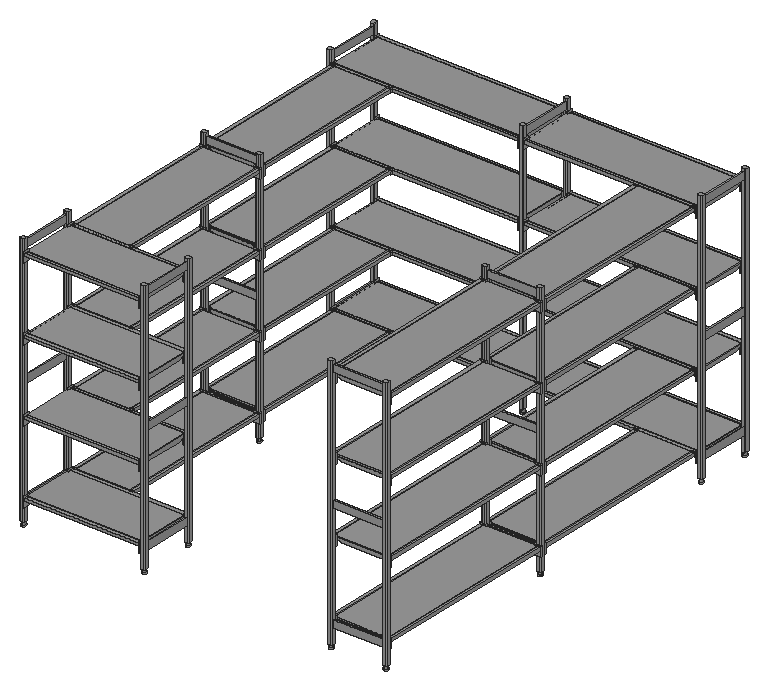
Revit family "QF_ELECTROLUXPROFESSIONAL_137104_CRS2428", category Attrezzature speciali, Revit 2020
Family settings
  Quota connettore circolare = Usa diametro
  Tipo di parte = Normale
  Basato su piano di lavoro = No
  Sempre verticale = Sì
  Taglio con vuoti quando caricato = No
  Condiviso = No
  Punto di calcolo locali = No
Parameters (values of type "Standard")
  Weight = 118.00 kg
  Watts = 0 W
  Volts = 0 V
  URL Manufacturer = "https://www.electroluxprofessional.com/"
  URL = "https://www.electroluxprofessional.com/"
  Steam Supply Size = 0 mm
  Steam Supply Minimum Pressure = 0.0 Pa
  Steam Supply Maximum Pressure = 0.0 Pa
  Steam Consumption per Hour = 0
  Refrigeration Suction Line Size = 0 mm
  Refrigeration Liquid Line Size = 0 mm
  Refrigerant Compressor Remote = yes
  Prospetto di default = 0 mm
  Produttore = "Electrolux Professional"
  Phase = 0
  Modello = "CRS2428"
  Length Actual = 708 mm  # constant formula
  Item Number = "137104"
  Hot Water Size = 0 mm
  Height Actual = 1550 mm  # constant formula
  HP = "0 HP"
  Gas Size = 0 mm
  Gas KW = 0
  Gas Input Pressure = 0 W
  Direct Waste Size = 0 mm
  Descrizione = "ALUM.SHELV.,POLY.TIERS-COLDROOM 243X283"
  Depth Actual = 373 mm  # constant formula
  Cycle = 0 Hz
  Condensate Return Size = 0 mm
  Compressed Air Volume = 0.0 L/s
  Compressed Air Size = 0 mm
  Compressed Air Pressure = 0.0 Pa
  Cold Water Size = 0 mm
  Accessory = yes
Reference planes
  plane 1 "Center (Front/Back)": y = 0
  plane 2: z = 0
  plane 3 "Center (Left/Right)": x = 0
  plane 4: x = -1215
  plane 5: y = 1415
  plane 6: y = -1415
  plane 7: x = 1215
  plane 8: x = -1157
  plane 9: x = 1157
  plane 10: y = 1369
  plane 11: y = -1369
Forms (mm)
  Extrusion 1, solid, material "QF_Clearances", detail levels coarse
    sketch origin (0, 0, 0) x (1, 0, 0) y (0, 1, 0)
      loop
        line (-1215, -1415) -> (-345, -1415) -> (-345, -1369) -> (-1157, -1369) -> (-1157, 1369) -> (1157, 1369) -> (1157, -1380) -> (537, -1380) -> (537, -1415) -> (1215, -1415) -> (1215, 1415) -> (-1215, 1415) -> (-1215, -1415)
    from 0 to 1590
Lines and regions (mm)
  symbolic lines, style "QF_Clearances"
    curve 1: line (-1215, 1415, 0) -> (-1215, -1415, 0)
    curve 2: line (1215, 1415, 0) -> (-1215, 1415, 0)
    curve 3: line (1215, -1415, 0) -> (1215, 1415, 0)
Dimensions and locks
  equal spacing: plane 5, plane 1 "Center (Front/Back)", plane 6
  plane 5 to plane 6 = 2830 mm
  equal spacing: plane 4, plane 3 "Center (Left/Right)", plane 7
  plane 4 to plane 7 = 2430 mm
  plane 4 to plane 8 = 58 mm  (x2)
  plane 8 to plane 9 = 2314 mm
  plane 11 to plane 6 = 46 mm
  plane 10 to plane 11 = 2738 mm
  Extrusion 1 to nested 3 = 775.5 mm
  Extrusion 1 to plane 6 = 35 mm
  aligned and locked: level to plane 2
  aligned and locked: Extrusion 1 sketch curve to plane 4
  aligned and locked: Extrusion 1 sketch curve to plane 5
  aligned and locked: Extrusion 1 sketch curve to plane 7
  aligned and locked: Extrusion 1 sketch curve to plane 8
  aligned and locked: plane 10 to Extrusion 1 sketch curve
  aligned and locked: Extrusion 1 sketch curve to plane 9
  aligned and locked: Extrusion 1 sketch curve to plane 11
  aligned and locked: Extrusion 1 sketch curve to plane 6
Automatic sketch dimensions
  curve 1 to plane 4 = 0 mm
  curve 2 to plane 5 = 0 mm
  curve 2 to plane 7 = 0 mm
  curve 1 to plane 6 = 0 mm
  curve 3 to plane 6 = 0 mm
  Extrusion 1 sketch curve to plane 6 = 0 mm
  Extrusion 1 sketch curve to plane 11 = 11 mm
  Extrusion 1 sketch curve to plane 3 "Center (Left/Right)" = 345 mm
  plane 3 "Center (Left/Right)" to Extrusion 1 sketch curve = 537 mm
Nested families
  nested 1: "QF_1152" at (-518, 1346, 0), type "QF_1152"
  nested 2: "QF_1062" at (625, 1346, 0), type "QF_1062"
  nested 3: "QF_708" at (-736.5, -1019, 0), type "QF_708"
  nested 4: "QF_1152" at (773, -741, 0) x (0, 1, 0) z (0, 0, 1), type "QF_1152"
  nested 5: "QF_1152G" at (967.5, 357.5, 0), type "QF_1152G"
  nested 6: "QF_974G" at (-905.5, 535, 0), type "QF_974G"
  nested 7: "QF_974G" at (-905.5, -535, 0), type "QF_974G"
Definition of nested family "QF_1152"
  Parameters
    Default Elevation = 0 mm
    Model = "137015"
    Manufacturer = "Electrolux Professional"
    Description = ""
  Reference planes
    plane 1: z = 0
    plane 2 "Center (Left/Right)": x = -31
    plane 3 "LEFT": x = -639
    plane 4 "RIGHT": x = 577
    plane 5 "BACK": y = 23
    plane 6 "FRONT": y = -350
    plane 7 "TOP": z = 1700
    plane 8: x = 572
    plane 9: x = -607
    plane 10: x = 545
    plane 11 "Center (Front/Back)": y = -163.5
    plane 12: x = 540
    plane 13: y = -8.5
    plane 14: y = -318.5
    plane 15 "FEET": z = 25
    plane 16: z = 140
    plane 17: z = 590
    plane 18: z = 1040
    plane 19: z = 1490
    plane 20 "CXLeft": x = -625
    plane 21 "CXRight": x = 563
    plane 22: y = 5.5
    plane 23 "CYBack": y = 5.5
    plane 24 "CYFront": y = -332.5
  Forms (mm)
    Extrusion 1, solid
      sketch origin (-639, 0, 0) x (0, 1, 0) y (0, 0, 1)
        loop
          line (4, 1515.994) -> (4, 1497.998) -> (23, 1497.998) -> (23, 1515.994) -> (4, 1515.994)
        loop
          line (-331, 1515.994) -> (-350, 1515.994) -> (-350, 1497.998) -> (-331, 1497.998) -> (-331, 1515.994)
        loop
          line (4, 1065.994) -> (4, 1047.998) -> (23, 1047.998) -> (23, 1065.994) -> (4, 1065.994)
        loop
          line (-331, 1065.994) -> (-350, 1065.994) -> (-350, 1047.998) -> (-331, 1047.998) -> (-331, 1065.994)
        loop
          line (4, 615.994) -> (4, 597.998) -> (23, 597.998) -> (23, 615.994) -> (4, 615.994)
        loop
          line (-331, 615.994) -> (-350, 615.994) -> (-350, 597.998) -> (-331, 597.998) -> (-331, 615.994)
        loop
          line (4, 165.994) -> (4, 147.998) -> (23, 147.998) -> (23, 165.994) -> (4, 165.994)
        loop
          line (-331, 165.994) -> (-350, 165.994) -> (-350, 147.998) -> (-331, 147.998) -> (-331, 165.994)
      from 32 to 1184
    Extrusion 2, solid
      sketch origin (-639, 0, 135) x (0, 1, 0) y (0, 0, 1)
        loop
          line (2.007, 1380.994) -> (-329, 1380.994) -> (-329, 1374.496) -> (2.007, 1374.496) -> (2.007, 1380.994)
        loop
          line (2.007, 930.994) -> (-329, 930.994) -> (-329, 924.496) -> (2.007, 924.496) -> (2.007, 930.994)
        loop
          line (2.007, 480.994) -> (-329, 480.994) -> (-329, 474.496) -> (2.007, 474.496) -> (2.007, 480.994)
        loop
          line (2.007, 30.994) -> (-329, 30.994) -> (-329, 24.496) -> (2.007, 24.496) -> (2.007, 30.994)
      from 32 to 1184
    Extrusion 3, solid
      sketch origin (577, 0, 135) x (0, 1, 0) y (0, 0, 1)
        loop
          line (-12, 1362.998) -> (4, 1362.998) -> (4, 1380.994) -> (2.007, 1380.994) -> (2.007, 1374.496) -> (-329, 1374.496) -> (-329, 1380.994) -> (-331, 1380.994) -> (-331, 1362.998) -> (-315, 1362.998) -> (-281, 1350.994) -> (-46, 1350.994) -> (-12, 1362.998)
        loop
          line (-12, 912.998) -> (4, 912.998) -> (4, 930.994) -> (2.007, 930.994) -> (2.007, 924.496) -> (-329, 924.496) -> (-329, 930.994) -> (-331, 930.994) -> (-331, 912.998) -> (-315, 912.998) -> (-281, 900.994) -> (-46, 900.994) -> (-12, 912.998)
        loop
          line (-12, 462.998) -> (4, 462.998) -> (4, 480.994) -> (2.007, 480.994) -> (2.007, 474.496) -> (-329, 474.496) -> (-329, 480.994) -> (-331, 480.994) -> (-331, 462.998) -> (-315, 462.998) -> (-281, 450.994) -> (-46, 450.994) -> (-12, 462.998)
        loop
          line (-12, 12.998) -> (4, 12.998) -> (4, 30.994) -> (2.007, 30.994) -> (2.007, 24.496) -> (-329, 24.496) -> (-329, 30.994) -> (-331, 30.994) -> (-331, 12.998) -> (-315, 12.998) -> (-281, 0.994) -> (-46, 0.994) -> (-12, 12.998)
      from -32 to -37
  Lines and regions (mm)
    symbolic lines
      curve 1: line (545, 4, 1700) -> (-607, 4, 1700)
      curve 2: line (-611, 23, 1700) -> (549, 23, 1700)
      curve 3: line (549, 13.246, 1700) -> (555.254, 19.5, 1700)
      curve 4: line (555.254, -8.5, 1700) -> (549, -2.246, 1700)
      curve 5: line (555.254, -318.5, 1700) -> (549, -324.754, 1700)
      curve 6: line (-611, -350, 1700) -> (549, -350, 1700)
      curve 7: line (549, 23, 1700) -> (549, -12.993, 1700)
      curve 8: line (549, -12.993, 1700) -> (545, -12.993, 1700)
      curve 9: line (549, -350, 1700) -> (549, -314.007, 1700)
      curve 10: line (549, -314.007, 1700) -> (545, -314.007, 1700)
      curve 11: line (-607, -12.993, 1700) -> (-607, -314.007, 1700)
      curve 12: line (-607, -331, 1700) -> (545, -331, 1700)
      curve 13: line (545, -12.993, 1700) -> (545, -314.007, 1700)
  Dimensions and locks
    locked: plane 3 "LEFT" to plane 4 "RIGHT" at 1216
    equal spacing: plane 3 "LEFT", plane 2 "Center (Left/Right)", plane 4 "RIGHT"
    locked: plane 7 "TOP" to level at 1700
    locked: plane 5 "BACK" to plane 6 "FRONT" at 373
    locked: plane 4 "RIGHT" to plane 8 at 5
    locked: plane 9 to plane 10 at 1152
    locked: plane 3 "LEFT" to plane 9 at 32
    plane 12 to plane 10 = 5 mm
    locked: plane 13 to plane 14 at 310
    equal spacing: plane 13, plane 11 "Center (Front/Back)", plane 14
    equal spacing: plane 5 "BACK", plane 11 "Center (Front/Back)", plane 6 "FRONT"
    plane 15 "FEET" to level = 25 mm
    plane 7 "TOP" to plane 15 "FEET" = 1675 mm
    plane 17 to plane 16 = 450 mm
    plane 18 to plane 17 = 450 mm
    plane 19 to plane 18 = 450 mm
    locked: plane 3 "LEFT" to plane 20 "CXLeft" at 14
    locked: plane 21 "CXRight" to plane 4 "RIGHT" at 14
    locked: plane 5 "BACK" to plane 23 "CYBack" at 17.5
    locked: plane 24 "CYFront" to plane 6 "FRONT" at 17.5
    plane 16 to level = 140 mm
    plane 17 to level = 590 mm
    plane 18 to level = 1040 mm
    plane 19 to level = 1490 mm
    aligned and locked: level to plane 1
    aligned and locked: plane 9 to Extrusion 2
    aligned and locked: Extrusion 2 to plane 10
    aligned and locked: plane 9 to Extrusion 1
    aligned and locked: Extrusion 1 to plane 10
    aligned and locked: Extrusion 1 sketch curve to Extrusion 1 sketch curve  (x2)
    aligned and locked: Extrusion 3 sketch curve to Extrusion 3 sketch curve  (x3)
    aligned and locked: Extrusion 3 to plane 12
    aligned and locked: Extrusion 3 to plane 10
    aligned and locked: plane 20 "CXLeft" to nested 1
    aligned and locked: plane 21 "CXRight" to nested 2
  Automatic sketch dimensions
    Extrusion 1 sketch curve to plane 6 "FRONT" = 0 mm  (x4)
    Extrusion 1 sketch curve to plane 5 "BACK" = 0 mm  (x4)
    plane 24 "CYFront" to Extrusion 1 sketch curve = 1.5 mm  (x2)
    plane 22 to Extrusion 1 sketch curve = 1.5 mm  (x4)
    plane 16 to Extrusion 1 sketch curve = 7.998 mm  (x2)
    Extrusion 1 sketch curve to Extrusion 1 sketch curve = 17.997 mm  (x8)
    plane 17 to Extrusion 1 sketch curve = 7.998 mm  (x2)
    plane 18 to Extrusion 1 sketch curve = 7.998 mm  (x2)
    plane 19 to Extrusion 1 sketch curve = 7.998 mm  (x2)
    plane 24 "CYFront" to Extrusion 2 sketch curve = 3.5 mm  (x4)
    plane 22 to Extrusion 2 sketch curve = 3.493 mm  (x4)
    plane 16 to Extrusion 2 sketch curve = 19.496 mm
    Extrusion 2 sketch curve to Extrusion 2 sketch curve = 6.499 mm  (x4)
    plane 17 to Extrusion 2 sketch curve = 19.496 mm
    plane 18 to Extrusion 2 sketch curve = 19.496 mm
    plane 19 to Extrusion 2 sketch curve = 19.496 mm
    plane 24 "CYFront" to Extrusion 3 sketch curve = 1.5 mm  (x4)
    Extrusion 3 sketch curve to Extrusion 3 sketch curve = 2 mm
    plane 14 to Extrusion 3 sketch curve = 3.5 mm  (x4)
    Extrusion 3 sketch curve to plane 16 = 4.006 mm
    Extrusion 3 sketch curve to Extrusion 3 sketch curve = 34 mm  (x4)
    Extrusion 3 sketch curve to plane 17 = 4.006 mm
    Extrusion 3 sketch curve to plane 18 = 4.006 mm
    Extrusion 3 sketch curve to plane 19 = 4.006 mm
    Extrusion 3 sketch curve to plane 13 = 37.5 mm  (x4)
    Extrusion 3 sketch curve to plane 13 = 3.5 mm  (x4)
    plane 22 to Extrusion 3 sketch curve = 3.493 mm  (x4)
    plane 22 to Extrusion 3 sketch curve = 1.5 mm  (x4)
    plane 16 to Extrusion 3 sketch curve = 7.998 mm  (x2)
    Extrusion 3 sketch curve to Extrusion 3 sketch curve = 11.498 mm  (x4)
    Extrusion 3 sketch curve to Extrusion 3 sketch curve = 6.499 mm  (x8)
    plane 17 to Extrusion 3 sketch curve = 7.998 mm  (x2)
    plane 18 to Extrusion 3 sketch curve = 7.998 mm  (x2)
    plane 19 to Extrusion 3 sketch curve = 7.998 mm  (x2)
    curve 6 to plane 6 "FRONT" = 0 mm
    curve 12 to plane 9 = 0 mm
    curve 12 to plane 10 = 0 mm
    curve 5 to plane 14 = 0 mm
    curve 11 to plane 9 = 0 mm
    curve 8 to plane 10 = 0 mm
    curve 4 to plane 13 = 0 mm
    curve 1 to plane 9 = 0 mm
    curve 1 to plane 10 = 0 mm
    curve 2 to plane 5 "BACK" = 0 mm
    plane 14 to curve 10 = 4.493 mm
    curve 7 to plane 13 = 4.493 mm
    curve 10 to plane 10 = 4 mm
    curve 7 to plane 10 = 4 mm
    plane 24 "CYFront" to curve 12 = 1.5 mm
    curve 5 to plane 14 = 6.254 mm
    plane 14 to curve 11 = 4.493 mm
    curve 11 to plane 13 = 4.493 mm
    plane 13 to curve 4 = 6.254 mm
    plane 22 to curve 1 = 1.5 mm
    curve 3 to plane 22 = 7.746 mm
    curve 3 to plane 5 "BACK" = 3.5 mm
    curve 5 to curve 9 = 6.254 mm
    curve 3 to curve 2 = 6.254 mm
    curve 4 to curve 7 = 6.254 mm
    plane 9 to curve 2 = 4 mm
    plane 9 to curve 6 = 4 mm
  Nested families
    nested 1: "WT_Anta373B" at (-222, 0, 0), type "WT_Anta373B"
    nested 2: "WT_Anta373B" at (160, 0, 0) x (-1, 0, 0) z (0, 0, 1), type "WT_Anta373B"
  Definition of nested family "WT_Anta373B"
    Parameters
      WidthLeft = A + 64 mm  # 772 mm
      Width = 1606 mm
      Right = WidthLeft / 2  # 386 mm
      Default Elevation = 0 mm
      Left = -WidthLeft / 2  # -386 mm
      Height = 1590 mm
      FEET = 25 mm
      E = 0 mm
      Dint = Depth - 63 mm  # 310 mm
      Dext = Depth - 8 mm  # 365 mm
      Depth = 373 mm
      DX = (WidthLeft - A) / 2  # 32 mm
      B = 798 mm
      A = 708 mm
    Reference planes
      plane 1: z = 0
      plane 2 "LEFT": x = -417
      plane 3 "BACK": y = 23
      plane 4 "FRONT": y = -350
      plane 5 "TOP": z = 1590
      plane 6 "Center (Front/Back)": y = -163.5
      plane 7: y = -8.5
      plane 8: y = -318.5
      plane 9 "FEET": z = 25
      plane 10: z = 140
      plane 11: z = 590
      plane 12: z = 1040
      plane 13: z = 1490
      plane 14 "CXLeft": x = -403
      plane 15: y = 5.5
      plane 16 "CYBack": y = 5.5
      plane 17 "CYFront": y = -332.5
      plane 18: x = -385.031
      plane 19: x = -380.031
    Forms (mm)
      Extrusion 1, solid
        sketch origin (0, 0, 0) x (1, 0, 0) y (0, 1, 0)
          loop
            line (-417, 13.246) -> (-417, -2.246) -> (-410.746, -8.5) -> (-395.254, -8.5) -> (-389, -2.246) -> (-389, 13.246) -> (-395.254, 19.5) -> (-410.746, 19.5) -> (-417, 13.246)
        from 1590 to 25
      Extrusion 2, solid
        sketch origin (-417, 0, 0) x (0, 1, 0) y (0, 0, 1)
          loop
            line (23, 111.005) -> (23, 172.993) -> (-12.993, 172.993) -> (-12.993, 111.005) -> (23, 111.005)
          loop
            line (-350, 111.005) -> (-314.007, 111.005) -> (-314.007, 172.993) -> (-350, 172.993) -> (-350, 111.005)
          loop
            line (23, 561.005) -> (23, 622.993) -> (-12.993, 622.993) -> (-12.993, 561.005) -> (23, 561.005)
          loop
            line (-350, 561.005) -> (-314.007, 561.005) -> (-314.007, 622.993) -> (-350, 622.993) -> (-350, 561.005)
          loop
            line (23, 1011.005) -> (23, 1072.993) -> (-12.993, 1072.993) -> (-12.993, 1011.005) -> (23, 1011.005)
          loop
            line (-350, 1011.005) -> (-314.007, 1011.005) -> (-314.007, 1072.993) -> (-350, 1072.993) -> (-350, 1011.005)
          loop
            line (23, 1461.005) -> (23, 1522.993) -> (-12.993, 1522.993) -> (-12.993, 1461.005) -> (23, 1461.005)
          loop
            line (-350, 1461.005) -> (-314.007, 1461.005) -> (-314.007, 1522.993) -> (-350, 1522.993) -> (-350, 1461.005)
        from 28 to 32
      Revolve 3, solid
        sketch origin (-403, 0, 0) x (0, 1, 0) y (0, 0, 1)
          loop
            line (5.5, 25) -> (5.5, 0) -> (19, 0) -> (19, 5) -> (14, 5) -> (14, 25) -> (5.5, 25)
          axis (5.5, 25) -> (5.5, 0)
        angle from 0 to 360
      Extrusion 4, solid
        sketch origin (-403, 0, 0) x (0, 1, 0) y (0, 0, 1)
          loop
            line (-8.5, 777.382) -> (-8.5, 822.374) -> (-318.5, 822.374) -> (-318.5, 777.382) -> (-8.5, 777.382)
          loop
            line (-8.5, 1527.244) -> (-8.5, 1572.236) -> (-318.5, 1572.236) -> (-318.5, 1527.244) -> (-8.5, 1527.244)
        from -5 to 5
      Revolve 5, solid
        sketch origin (-403, -627, 0) x (0, -1, 0) y (0, 0, 1)
          loop
            line (-294.5, 25) -> (-294.5, 0) -> (-281, 0) -> (-281, 5) -> (-286, 5) -> (-286, 25) -> (-294.5, 25)
          axis (-294.5, 25) -> (-294.5, 0)
        angle from 0 to 360
      Extrusion 6, solid
        sketch origin (0, -627, 0) x (1, 0, 0) y (0, 1, 0)
          loop
            line (-417, 286.754) -> (-410.746, 280.5) -> (-395.254, 280.5) -> (-389, 286.754) -> (-389, 302.246) -> (-395.254, 308.5) -> (-410.746, 308.5) -> (-417, 302.246) -> (-417, 286.754)
        from 1590 to 25
      Extrusion 7, solid
        sketch origin (-417.031, -0.022, 0) x (0, 1, 0) y (0, 0, -1)
          loop
            line (-12, -1497.998) -> (-46, -1485.994) -> (-281, -1485.994) -> (-315, -1497.998) -> (-331, -1497.998) -> (-331, -1515.994) -> (-329, -1515.994) -> (-329, -1509.496) -> (2.007, -1509.496) -> (2.007, -1515.994) -> (4, -1515.994) -> (4, -1497.998) -> (-12, -1497.998)
          loop
            line (-12, -1047.998) -> (-46, -1035.994) -> (-281, -1035.994) -> (-315, -1047.998) -> (-331, -1047.998) -> (-331, -1065.994) -> (-329, -1065.994) -> (-329, -1059.496) -> (2.007, -1059.496) -> (2.007, -1065.994) -> (4, -1065.994) -> (4, -1047.998) -> (-12, -1047.998)
          loop
            line (-12, -597.998) -> (-46, -585.994) -> (-281, -585.994) -> (-315, -597.998) -> (-331, -597.998) -> (-331, -615.994) -> (-329, -615.994) -> (-329, -609.496) -> (2.007, -609.496) -> (2.007, -615.994) -> (4, -615.994) -> (4, -597.998) -> (-12, -597.998)
          loop
            line (-12, -147.998) -> (-46, -135.994) -> (-281, -135.994) -> (-315, -147.998) -> (-331, -147.998) -> (-331, -165.994) -> (-329, -165.994) -> (-329, -159.496) -> (2.007, -159.496) -> (2.007, -165.994) -> (4, -165.994) -> (4, -147.998) -> (-12, -147.998)
        from -32 to -37
      Extrusion 8, solid
        sketch origin (-403, 0, -659.878) x (0, 1, 0) y (0, 0, 1)
          loop
            line (-8.5, 777.382) -> (-8.5, 822.374) -> (-318.5, 822.374) -> (-318.5, 777.382) -> (-8.5, 777.382)
          loop
            line (-8.5, 1437.382) -> (-8.5, 1482.374) -> (-318.5, 1482.374) -> (-318.5, 1437.382) -> (-8.5, 1437.382)
          loop
            line (-8.5, 2187.382) -> (-8.5, 2232.374) -> (-318.5, 2232.374) -> (-318.5, 2187.382) -> (-8.5, 2187.382)
        from -5 to 5
    Lines and regions (mm)
      symbolic lines
        curve 1: line (-408, -8.5, 1590) -> (-408, -318.5, 1590)
        curve 2: line (-398, -318.5, 1590) -> (-398, -8.5, 1590)
        curve 3: line (-395.254, -8.5, 1590) -> (-410.746, -8.5, 1590)
        curve 4: line (-417, -2.246, 1590) -> (-410.746, -8.5, 1590)
        curve 5: line (-417, 13.246, 1590) -> (-417, -2.246, 1590)
        curve 6: line (-410.746, 19.5, 1590) -> (-417, 13.246, 1590)
        curve 7: line (-395.254, 19.5, 1590) -> (-410.746, 19.5, 1590)
        curve 8: line (-389, 13.246, 1590) -> (-395.254, 19.5, 1590)
        curve 9: line (-395.254, -8.5, 1590) -> (-389, -2.246, 1590)
        curve 10: line (-395.254, -318.5, 1590) -> (-410.746, -318.5, 1590)
        curve 11: line (-417, -324.754, 1590) -> (-410.746, -318.5, 1590)
        curve 12: line (-410.746, -346.5, 1590) -> (-417, -340.246, 1590)
        curve 13: line (-395.254, -346.5, 1590) -> (-410.746, -346.5, 1590)
        curve 14: line (-389, -340.246, 1590) -> (-395.254, -346.5, 1590)
        curve 15: line (-395.254, -318.5, 1590) -> (-389, -324.754, 1590)
        curve 16: line (-389, -350, 1590) -> (-389, -314.007, 1590)
        curve 17: line (-389, -314.007, 1590) -> (-385, -314.007, 1590)
        curve 18: line (-389, 23, 1590) -> (-389, -12.993, 1590)
        curve 19: line (-389, -12.993, 1590) -> (-385, -12.993, 1590)
        curve 20: line (-417, -324.754, 1590) -> (-417, -340.246, 1590)
        curve 21: line (-385, -350, 1590) -> (-385, -314.007, 1590)
        curve 22: line (-385, -350, 1590) -> (-389, -350, 1590)
        curve 23: line (-385, 23, 1590) -> (-389, 23, 1590)
        curve 24: line (-385, -12.993, 1590) -> (-385, 23, 1590)
        curve 25: line (-385.031, -13.016, 1725) -> (-385.031, -314.029, 1725)
    Dimensions and locks
      "Depth": plane 3 "BACK" to plane 4 "FRONT"
      "Dint": plane 7 to plane 8
      equal spacing: plane 7, plane 6 "Center (Front/Back)", plane 8
      equal spacing: plane 3 "BACK", plane 6 "Center (Front/Back)", plane 4 "FRONT"
      plane 9 "FEET" to level = 25 mm
      plane 10 to plane 9 "FEET" = 115 mm
      plane 11 to plane 10 = 450 mm
      plane 12 to plane 11 = 450 mm
      plane 13 to plane 12 = 450 mm
      locked: plane 2 "LEFT" to plane 14 "CXLeft" at 14
      locked: plane 3 "BACK" to plane 16 "CYBack" at 17.5
      locked: plane 17 "CYFront" to plane 4 "FRONT" at 17.5
      locked: Revolve 3 sketch curve to Revolve 3 sketch curve at 8.5
      locked: Revolve 3 sketch curve to plane 16 "CYBack" at 13.5
      locked: Revolve 5 sketch curve to Revolve 5 sketch curve at 8.5
      plane 10 to level = 140 mm
      plane 11 to level = 590 mm
      plane 12 to level = 1040 mm
      plane 13 to level = 1490 mm
      "Height": plane 5 "TOP" to level
      aligned and locked: level to plane 1
      aligned and locked: curve 20 to Extrusion 6
      aligned and locked: plane 5 "TOP" to Extrusion 1
      aligned and locked: plane 5 "TOP" to Extrusion 6
      aligned and locked: Extrusion 7 sketch curve to Extrusion 7 sketch curve  (x3)
    Automatic sketch dimensions
      curve 16 to plane 4 "FRONT" = 0 mm
      curve 11 to plane 8 = 0 mm
      curve 9 to plane 7 = 0 mm
      curve 5 to plane 2 "LEFT" = 0 mm
      curve 23 to plane 3 "BACK" = 0 mm
      plane 4 "FRONT" to curve 13 = 3.5 mm
      curve 20 to plane 17 "CYFront" = 7.746 mm
      curve 20 to plane 8 = 6.254 mm
      plane 8 to curve 16 = 4.493 mm
      curve 24 to plane 18 = 0.031 mm
      curve 24 to plane 7 = 4.493 mm
      plane 7 to curve 5 = 6.254 mm
      curve 5 to plane 15 = 7.746 mm
      curve 6 to plane 3 "BACK" = 3.5 mm
      curve 21 to plane 18 = 0.031 mm
      plane 18 to curve 23 = 3.969 mm
      plane 18 to curve 16 = 3.969 mm
      curve 18 to curve 8 = 6.254 mm
      curve 18 to curve 3 = 6.254 mm
      curve 16 to curve 13 = 6.254 mm
      curve 16 to curve 15 = 6.254 mm
      plane 2 "LEFT" to curve 10 = 6.254 mm
      plane 2 "LEFT" to curve 7 = 6.254 mm
      plane 2 "LEFT" to curve 12 = 6.254 mm
      plane 2 "LEFT" to curve 3 = 6.254 mm
      curve 14 to plane 17 "CYFront" = 7.746 mm
      curve 15 to plane 8 = 6.254 mm
      plane 7 to curve 9 = 6.254 mm
      curve 8 to plane 15 = 7.746 mm
      curve 3 to curve 2 = 2.746 mm
      curve 1 to curve 10 = 2.746 mm
      Extrusion 1 sketch curve to plane 2 "LEFT" = 0 mm
      Extrusion 1 sketch curve to plane 7 = 0 mm
      plane 2 "LEFT" to Extrusion 1 sketch curve = 6.254 mm  (x2)
      plane 14 "CXLeft" to Extrusion 1 sketch curve = 7.746 mm  (x2)
      Extrusion 1 sketch curve to plane 3 "BACK" = 3.5 mm
      plane 18 to Extrusion 1 sketch curve = 3.969 mm
      plane 7 to Extrusion 1 sketch curve = 6.254 mm  (x2)
      Extrusion 1 sketch curve to plane 15 = 7.746 mm  (x2)
      Extrusion 2 sketch curve to plane 4 "FRONT" = 0 mm  (x4)
      Extrusion 2 sketch curve to plane 3 "BACK" = 0 mm  (x4)
      plane 8 to Extrusion 2 sketch curve = 4.493 mm  (x4)
      Extrusion 2 sketch curve to plane 7 = 4.493 mm  (x4)
      Extrusion 2 sketch curve to plane 10 = 28.995 mm  (x2)
      plane 10 to Extrusion 2 sketch curve = 32.993 mm  (x2)
      Extrusion 2 sketch curve to plane 11 = 28.995 mm  (x2)
      plane 11 to Extrusion 2 sketch curve = 32.993 mm  (x2)
      Extrusion 2 sketch curve to plane 12 = 28.995 mm  (x2)
      plane 12 to Extrusion 2 sketch curve = 32.993 mm  (x2)
      Extrusion 2 sketch curve to plane 13 = 28.995 mm  (x2)
      plane 13 to Extrusion 2 sketch curve = 32.993 mm  (x2)
      Revolve 3 sketch curve to plane 9 "FEET" = 0 mm  (x2)
      Revolve 3 sketch curve to plane 15 = 0 mm  (x2)
      Revolve 3 sketch curve to level = 0 mm
      level to Revolve 3 sketch curve = 5 mm
      Revolve 3 sketch curve to Revolve 3 sketch curve = 11.655 mm
      Extrusion 4 sketch curve to plane 8 = 0 mm  (x2)
      Extrusion 4 sketch curve to plane 7 = 0 mm  (x2)
      plane 11 to Extrusion 4 sketch curve = 187.382 mm
      Extrusion 4 sketch curve to Extrusion 4 sketch curve = 44.992 mm
      plane 13 to Extrusion 4 sketch curve = 37.244 mm
      Extrusion 4 sketch curve to plane 5 "TOP" = 17.764 mm
      Revolve 5 sketch curve to plane 9 "FEET" = 0 mm  (x2)
      Revolve 5 sketch curve to plane 17 "CYFront" = 0 mm  (x2)
      Revolve 5 sketch curve to level = 0 mm
      Revolve 5 sketch curve to plane 4 "FRONT" = 4 mm
      Revolve 5 sketch curve to Revolve 5 sketch curve = 5 mm
      level to Revolve 5 sketch curve = 11.655 mm
      Extrusion 6 sketch curve to plane 2 "LEFT" = 0 mm
      Extrusion 6 sketch curve to plane 8 = 0 mm
      Extrusion 6 sketch curve to plane 2 "LEFT" = 6.254 mm  (x2)
      Extrusion 6 sketch curve to plane 14 "CXLeft" = 7.746 mm  (x2)
      Extrusion 6 sketch curve to plane 4 "FRONT" = 3.5 mm
      Extrusion 6 sketch curve to plane 18 = 3.969 mm
      plane 8 to Extrusion 6 sketch curve = 6.254 mm  (x2)
      plane 17 "CYFront" to Extrusion 6 sketch curve = 7.746 mm  (x2)
      plane 17 "CYFront" to Extrusion 7 sketch curve = 1.478 mm  (x4)
      Extrusion 7 sketch curve to Extrusion 7 sketch curve = 2 mm
      plane 8 to Extrusion 7 sketch curve = 3.478 mm  (x4)
      Extrusion 7 sketch curve to plane 10 = 4.006 mm
      Extrusion 7 sketch curve to Extrusion 7 sketch curve = 34 mm  (x4)
      Extrusion 7 sketch curve to plane 11 = 4.006 mm
      Extrusion 7 sketch curve to plane 12 = 4.006 mm
      Extrusion 7 sketch curve to plane 13 = 4.006 mm
      Extrusion 7 sketch curve to plane 7 = 37.522 mm  (x4)
      Extrusion 7 sketch curve to plane 7 = 3.522 mm  (x4)
      plane 15 to Extrusion 7 sketch curve = 3.516 mm  (x4)
      plane 15 to Extrusion 7 sketch curve = 1.522 mm  (x4)
      plane 13 to Extrusion 7 sketch curve = 7.998 mm  (x2)
      Extrusion 7 sketch curve to Extrusion 7 sketch curve = 11.498 mm
      Extrusion 7 sketch curve to Extrusion 7 sketch curve = 6.499 mm  (x5)
      plane 12 to Extrusion 7 sketch curve = 25.994 mm  (x2)
      plane 12 to Extrusion 7 sketch curve = 7.998 mm  (x2)
      plane 11 to Extrusion 7 sketch curve = 25.994 mm  (x2)
      plane 11 to Extrusion 7 sketch curve = 7.998 mm  (x2)
      plane 10 to Extrusion 7 sketch curve = 25.994 mm  (x2)
      plane 10 to Extrusion 7 sketch curve = 7.998 mm  (x2)
      curve 25 to plane 18 = 0 mm
      plane 8 to curve 25 = 4.471 mm
      curve 25 to plane 7 = 4.516 mm
      Extrusion 8 sketch curve to plane 8 = 0 mm  (x3)
      Extrusion 8 sketch curve to plane 7 = 0 mm  (x3)
      Extrusion 8 sketch curve to plane 10 = 22.496 mm
      plane 10 to Extrusion 8 sketch curve = 22.496 mm
      plane 11 to Extrusion 8 sketch curve = 187.504 mm
      Extrusion 8 sketch curve to Extrusion 8 sketch curve = 44.992 mm
      plane 13 to Extrusion 8 sketch curve = 37.504 mm
      Extrusion 8 sketch curve to plane 5 "TOP" = 17.504 mm
Definition of nested family "QF_1062"
  Parameters
    Default Elevation = 0 mm
    Model = "137014"
    Manufacturer = "Electrolux Professional"
    Description = ""
  Reference planes
    plane 1: z = 0
    plane 2 "Center (Left/Right)": x = -31
    plane 3 "LEFT": x = -594
    plane 4 "RIGHT": x = 532
    plane 5 "BACK": y = 23
    plane 6 "FRONT": y = -350
    plane 7 "TOP": z = 1700
    plane 8: x = 527
    plane 9: x = -562
    plane 10: x = 500
    plane 11 "Center (Front/Back)": y = -163.5
    plane 12: x = 495
    plane 13: y = -8.5
    plane 14: y = -318.5
    plane 15 "FEET": z = 25
    plane 16: z = 140
    plane 17: z = 590
    plane 18: z = 1040
    plane 19: z = 1490
    plane 20 "CXLeft": x = -580
    plane 21 "CXRight": x = 518
    plane 22: y = 5.5
    plane 23 "CYBack": y = 5.5
    plane 24 "CYFront": y = -332.5
  Forms (mm)
    Extrusion 1, solid
      sketch origin (-594, 0, 0) x (0, 1, 0) y (0, 0, 1)
        loop
          line (4, 1515.994) -> (4, 1497.998) -> (23, 1497.998) -> (23, 1515.994) -> (4, 1515.994)
        loop
          line (-331, 1515.994) -> (-350, 1515.994) -> (-350, 1497.998) -> (-331, 1497.998) -> (-331, 1515.994)
        loop
          line (4, 1065.994) -> (4, 1047.998) -> (23, 1047.998) -> (23, 1065.994) -> (4, 1065.994)
        loop
          line (-331, 1065.994) -> (-350, 1065.994) -> (-350, 1047.998) -> (-331, 1047.998) -> (-331, 1065.994)
        loop
          line (4, 615.994) -> (4, 597.998) -> (23, 597.998) -> (23, 615.994) -> (4, 615.994)
        loop
          line (-331, 615.994) -> (-350, 615.994) -> (-350, 597.998) -> (-331, 597.998) -> (-331, 615.994)
        loop
          line (4, 165.994) -> (4, 147.998) -> (23, 147.998) -> (23, 165.994) -> (4, 165.994)
        loop
          line (-331, 165.994) -> (-350, 165.994) -> (-350, 147.998) -> (-331, 147.998) -> (-331, 165.994)
      from 32 to 1094
    Extrusion 2, solid
      sketch origin (-594, 0, 135) x (0, 1, 0) y (0, 0, 1)
        loop
          line (2.007, 1380.994) -> (-329, 1380.994) -> (-329, 1374.496) -> (2.007, 1374.496) -> (2.007, 1380.994)
        loop
          line (2.007, 930.994) -> (-329, 930.994) -> (-329, 924.496) -> (2.007, 924.496) -> (2.007, 930.994)
        loop
          line (2.007, 480.994) -> (-329, 480.994) -> (-329, 474.496) -> (2.007, 474.496) -> (2.007, 480.994)
        loop
          line (2.007, 30.994) -> (-329, 30.994) -> (-329, 24.496) -> (2.007, 24.496) -> (2.007, 30.994)
      from 32 to 1094
    Extrusion 3, solid
      sketch origin (532, 0, 135) x (0, 1, 0) y (0, 0, 1)
        loop
          line (-12, 1362.998) -> (4, 1362.998) -> (4, 1380.994) -> (2.007, 1380.994) -> (2.007, 1374.496) -> (-329, 1374.496) -> (-329, 1380.994) -> (-331, 1380.994) -> (-331, 1362.998) -> (-315, 1362.998) -> (-281, 1350.994) -> (-46, 1350.994) -> (-12, 1362.998)
        loop
          line (-12, 912.998) -> (4, 912.998) -> (4, 930.994) -> (2.007, 930.994) -> (2.007, 924.496) -> (-329, 924.496) -> (-329, 930.994) -> (-331, 930.994) -> (-331, 912.998) -> (-315, 912.998) -> (-281, 900.994) -> (-46, 900.994) -> (-12, 912.998)
        loop
          line (-12, 462.998) -> (4, 462.998) -> (4, 480.994) -> (2.007, 480.994) -> (2.007, 474.496) -> (-329, 474.496) -> (-329, 480.994) -> (-331, 480.994) -> (-331, 462.998) -> (-315, 462.998) -> (-281, 450.994) -> (-46, 450.994) -> (-12, 462.998)
        loop
          line (-12, 12.998) -> (4, 12.998) -> (4, 30.994) -> (2.007, 30.994) -> (2.007, 24.496) -> (-329, 24.496) -> (-329, 30.994) -> (-331, 30.994) -> (-331, 12.998) -> (-315, 12.998) -> (-281, 0.994) -> (-46, 0.994) -> (-12, 12.998)
      from -32 to -37
  Lines and regions (mm)
    symbolic lines
      curve 1: line (500, 4, 1700) -> (-562, 4, 1700)
      curve 2: line (-566, 23, 1700) -> (504, 23, 1700)
      curve 3: line (504, 13.246, 1700) -> (510.254, 19.5, 1700)
      curve 4: line (510.254, -8.5, 1700) -> (504, -2.246, 1700)
      curve 5: line (510.254, -318.5, 1700) -> (504, -324.754, 1700)
      curve 6: line (-566, -350, 1700) -> (504, -350, 1700)
      curve 7: line (504, 23, 1700) -> (504, -12.993, 1700)
      curve 8: line (504, -12.993, 1700) -> (500, -12.993, 1700)
      curve 9: line (504, -350, 1700) -> (504, -314.007, 1700)
      curve 10: line (504, -314.007, 1700) -> (500, -314.007, 1700)
      curve 11: line (-562, -12.993, 1700) -> (-562, -314.007, 1700)
      curve 12: line (-562, -331, 1700) -> (500, -331, 1700)
      curve 13: line (500, -12.993, 1700) -> (500, -314.007, 1700)
  Dimensions and locks
    locked: plane 3 "LEFT" to plane 4 "RIGHT" at 1126
    equal spacing: plane 3 "LEFT", plane 2 "Center (Left/Right)", plane 4 "RIGHT"
    locked: plane 7 "TOP" to level at 1700
    locked: plane 5 "BACK" to plane 6 "FRONT" at 373
    locked: plane 4 "RIGHT" to plane 8 at 5
    locked: plane 9 to plane 10 at 1062
    locked: plane 3 "LEFT" to plane 9 at 32
    plane 12 to plane 10 = 5 mm
    locked: plane 13 to plane 14 at 310
    equal spacing: plane 13, plane 11 "Center (Front/Back)", plane 14
    equal spacing: plane 5 "BACK", plane 11 "Center (Front/Back)", plane 6 "FRONT"
    plane 15 "FEET" to level = 25 mm
    plane 7 "TOP" to plane 15 "FEET" = 1675 mm
    plane 17 to plane 16 = 450 mm
    plane 18 to plane 17 = 450 mm
    plane 19 to plane 18 = 450 mm
    locked: plane 3 "LEFT" to plane 20 "CXLeft" at 14
    locked: plane 21 "CXRight" to plane 4 "RIGHT" at 14
    locked: plane 5 "BACK" to plane 23 "CYBack" at 17.5
    locked: plane 24 "CYFront" to plane 6 "FRONT" at 17.5
    plane 16 to level = 140 mm
    plane 17 to level = 590 mm
    plane 18 to level = 1040 mm
    plane 19 to level = 1490 mm
    aligned and locked: level to plane 1
    aligned and locked: plane 9 to Extrusion 2
    aligned and locked: Extrusion 2 to plane 10
    aligned and locked: plane 9 to Extrusion 1
    aligned and locked: Extrusion 1 to plane 10
    aligned and locked: Extrusion 1 sketch curve to Extrusion 1 sketch curve  (x2)
    aligned and locked: Extrusion 3 sketch curve to Extrusion 3 sketch curve  (x3)
    aligned and locked: Extrusion 3 to plane 12
    aligned and locked: Extrusion 3 to plane 10
    aligned and locked: plane 20 "CXLeft" to nested 1
    aligned and locked: plane 21 "CXRight" to nested 2
  Automatic sketch dimensions
    Extrusion 1 sketch curve to plane 6 "FRONT" = 0 mm  (x4)
    Extrusion 1 sketch curve to plane 5 "BACK" = 0 mm  (x4)
    plane 24 "CYFront" to Extrusion 1 sketch curve = 1.5 mm  (x2)
    plane 22 to Extrusion 1 sketch curve = 1.5 mm  (x4)
    plane 16 to Extrusion 1 sketch curve = 7.998 mm  (x2)
    Extrusion 1 sketch curve to Extrusion 1 sketch curve = 17.997 mm  (x8)
    plane 17 to Extrusion 1 sketch curve = 7.998 mm  (x2)
    plane 18 to Extrusion 1 sketch curve = 7.998 mm  (x2)
    plane 19 to Extrusion 1 sketch curve = 7.998 mm  (x2)
    plane 24 "CYFront" to Extrusion 2 sketch curve = 3.5 mm  (x4)
    plane 22 to Extrusion 2 sketch curve = 3.493 mm  (x4)
    plane 16 to Extrusion 2 sketch curve = 19.496 mm
    Extrusion 2 sketch curve to Extrusion 2 sketch curve = 6.499 mm  (x4)
    plane 17 to Extrusion 2 sketch curve = 19.496 mm
    plane 18 to Extrusion 2 sketch curve = 19.496 mm
    plane 19 to Extrusion 2 sketch curve = 19.496 mm
    plane 24 "CYFront" to Extrusion 3 sketch curve = 1.5 mm  (x4)
    Extrusion 3 sketch curve to Extrusion 3 sketch curve = 2 mm
    plane 14 to Extrusion 3 sketch curve = 3.5 mm  (x4)
    Extrusion 3 sketch curve to plane 16 = 4.006 mm
    Extrusion 3 sketch curve to Extrusion 3 sketch curve = 34 mm  (x4)
    Extrusion 3 sketch curve to plane 17 = 4.006 mm
    Extrusion 3 sketch curve to plane 18 = 4.006 mm
    Extrusion 3 sketch curve to plane 19 = 4.006 mm
    Extrusion 3 sketch curve to plane 13 = 37.5 mm  (x4)
    Extrusion 3 sketch curve to plane 13 = 3.5 mm  (x4)
    plane 22 to Extrusion 3 sketch curve = 3.493 mm  (x4)
    plane 22 to Extrusion 3 sketch curve = 1.5 mm  (x4)
    plane 16 to Extrusion 3 sketch curve = 7.998 mm  (x2)
    Extrusion 3 sketch curve to Extrusion 3 sketch curve = 11.498 mm  (x4)
    Extrusion 3 sketch curve to Extrusion 3 sketch curve = 6.499 mm  (x8)
    plane 17 to Extrusion 3 sketch curve = 7.998 mm  (x2)
    plane 18 to Extrusion 3 sketch curve = 7.998 mm  (x2)
    plane 19 to Extrusion 3 sketch curve = 7.998 mm  (x2)
    curve 6 to plane 6 "FRONT" = 0 mm
    curve 12 to plane 9 = 0 mm
    curve 12 to plane 10 = 0 mm
    curve 5 to plane 14 = 0 mm
    curve 11 to plane 9 = 0 mm
    curve 8 to plane 10 = 0 mm
    curve 4 to plane 13 = 0 mm
    curve 1 to plane 9 = 0 mm
    curve 1 to plane 10 = 0 mm
    curve 2 to plane 5 "BACK" = 0 mm
    plane 14 to curve 10 = 4.493 mm
    curve 7 to plane 13 = 4.493 mm
    curve 10 to plane 10 = 4 mm
    curve 7 to plane 10 = 4 mm
    plane 24 "CYFront" to curve 12 = 1.5 mm
    curve 5 to plane 14 = 6.254 mm
    plane 14 to curve 11 = 4.493 mm
    curve 11 to plane 13 = 4.493 mm
    plane 13 to curve 4 = 6.254 mm
    plane 22 to curve 1 = 1.5 mm
    curve 3 to plane 22 = 7.746 mm
    curve 3 to plane 5 "BACK" = 3.5 mm
    curve 5 to curve 9 = 6.254 mm
    curve 3 to curve 2 = 6.254 mm
    curve 4 to curve 7 = 6.254 mm
    plane 9 to curve 2 = 4 mm
    plane 9 to curve 6 = 4 mm
  Nested families
    nested 1: "WT_Anta373B" at (-177, 0, 0), type "WT_Anta373B"
    nested 2: "WT_Anta373B" at (115, 0, 0) x (-1, 0, 0) z (0, 0, 1), type "WT_Anta373B"
  Definition of nested family "WT_Anta373B"
    Parameters
      WidthLeft = A + 64 mm  # 772 mm
      Width = 1606 mm
      Right = WidthLeft / 2  # 386 mm
      Default Elevation = 0 mm
      Left = -WidthLeft / 2  # -386 mm
      Height = 1590 mm
      FEET = 25 mm
      E = 0 mm
      Dint = Depth - 63 mm  # 310 mm
      Dext = Depth - 8 mm  # 365 mm
      Depth = 373 mm
      DX = (WidthLeft - A) / 2  # 32 mm
      B = 798 mm
      A = 708 mm
    Reference planes
      plane 1: z = 0
      plane 2 "LEFT": x = -417
      plane 3 "BACK": y = 23
      plane 4 "FRONT": y = -350
      plane 5 "TOP": z = 1590
      plane 6 "Center (Front/Back)": y = -163.5
      plane 7: y = -8.5
      plane 8: y = -318.5
      plane 9 "FEET": z = 25
      plane 10: z = 140
      plane 11: z = 590
      plane 12: z = 1040
      plane 13: z = 1490
      plane 14 "CXLeft": x = -403
      plane 15: y = 5.5
      plane 16 "CYBack": y = 5.5
      plane 17 "CYFront": y = -332.5
      plane 18: x = -385.031
      plane 19: x = -380.031
    Forms (mm)
      Extrusion 1, solid
        sketch origin (0, 0, 0) x (1, 0, 0) y (0, 1, 0)
          loop
            line (-417, 13.246) -> (-417, -2.246) -> (-410.746, -8.5) -> (-395.254, -8.5) -> (-389, -2.246) -> (-389, 13.246) -> (-395.254, 19.5) -> (-410.746, 19.5) -> (-417, 13.246)
        from 1590 to 25
      Extrusion 2, solid
        sketch origin (-417, 0, 0) x (0, 1, 0) y (0, 0, 1)
          loop
            line (23, 111.005) -> (23, 172.993) -> (-12.993, 172.993) -> (-12.993, 111.005) -> (23, 111.005)
          loop
            line (-350, 111.005) -> (-314.007, 111.005) -> (-314.007, 172.993) -> (-350, 172.993) -> (-350, 111.005)
          loop
            line (23, 561.005) -> (23, 622.993) -> (-12.993, 622.993) -> (-12.993, 561.005) -> (23, 561.005)
          loop
            line (-350, 561.005) -> (-314.007, 561.005) -> (-314.007, 622.993) -> (-350, 622.993) -> (-350, 561.005)
          loop
            line (23, 1011.005) -> (23, 1072.993) -> (-12.993, 1072.993) -> (-12.993, 1011.005) -> (23, 1011.005)
          loop
            line (-350, 1011.005) -> (-314.007, 1011.005) -> (-314.007, 1072.993) -> (-350, 1072.993) -> (-350, 1011.005)
          loop
            line (23, 1461.005) -> (23, 1522.993) -> (-12.993, 1522.993) -> (-12.993, 1461.005) -> (23, 1461.005)
          loop
            line (-350, 1461.005) -> (-314.007, 1461.005) -> (-314.007, 1522.993) -> (-350, 1522.993) -> (-350, 1461.005)
        from 28 to 32
      Revolve 3, solid
        sketch origin (-403, 0, 0) x (0, 1, 0) y (0, 0, 1)
          loop
            line (5.5, 25) -> (5.5, 0) -> (19, 0) -> (19, 5) -> (14, 5) -> (14, 25) -> (5.5, 25)
          axis (5.5, 25) -> (5.5, 0)
        angle from 0 to 360
      Extrusion 4, solid
        sketch origin (-403, 0, 0) x (0, 1, 0) y (0, 0, 1)
          loop
            line (-8.5, 777.382) -> (-8.5, 822.374) -> (-318.5, 822.374) -> (-318.5, 777.382) -> (-8.5, 777.382)
          loop
            line (-8.5, 1527.244) -> (-8.5, 1572.236) -> (-318.5, 1572.236) -> (-318.5, 1527.244) -> (-8.5, 1527.244)
        from -5 to 5
      Revolve 5, solid
        sketch origin (-403, -627, 0) x (0, -1, 0) y (0, 0, 1)
          loop
            line (-294.5, 25) -> (-294.5, 0) -> (-281, 0) -> (-281, 5) -> (-286, 5) -> (-286, 25) -> (-294.5, 25)
          axis (-294.5, 25) -> (-294.5, 0)
        angle from 0 to 360
      Extrusion 6, solid
        sketch origin (0, -627, 0) x (1, 0, 0) y (0, 1, 0)
          loop
            line (-417, 286.754) -> (-410.746, 280.5) -> (-395.254, 280.5) -> (-389, 286.754) -> (-389, 302.246) -> (-395.254, 308.5) -> (-410.746, 308.5) -> (-417, 302.246) -> (-417, 286.754)
        from 1590 to 25
      Extrusion 7, solid
        sketch origin (-417.031, -0.022, 0) x (0, 1, 0) y (0, 0, -1)
          loop
            line (-12, -1497.998) -> (-46, -1485.994) -> (-281, -1485.994) -> (-315, -1497.998) -> (-331, -1497.998) -> (-331, -1515.994) -> (-329, -1515.994) -> (-329, -1509.496) -> (2.007, -1509.496) -> (2.007, -1515.994) -> (4, -1515.994) -> (4, -1497.998) -> (-12, -1497.998)
          loop
            line (-12, -1047.998) -> (-46, -1035.994) -> (-281, -1035.994) -> (-315, -1047.998) -> (-331, -1047.998) -> (-331, -1065.994) -> (-329, -1065.994) -> (-329, -1059.496) -> (2.007, -1059.496) -> (2.007, -1065.994) -> (4, -1065.994) -> (4, -1047.998) -> (-12, -1047.998)
          loop
            line (-12, -597.998) -> (-46, -585.994) -> (-281, -585.994) -> (-315, -597.998) -> (-331, -597.998) -> (-331, -615.994) -> (-329, -615.994) -> (-329, -609.496) -> (2.007, -609.496) -> (2.007, -615.994) -> (4, -615.994) -> (4, -597.998) -> (-12, -597.998)
          loop
            line (-12, -147.998) -> (-46, -135.994) -> (-281, -135.994) -> (-315, -147.998) -> (-331, -147.998) -> (-331, -165.994) -> (-329, -165.994) -> (-329, -159.496) -> (2.007, -159.496) -> (2.007, -165.994) -> (4, -165.994) -> (4, -147.998) -> (-12, -147.998)
        from -32 to -37
      Extrusion 8, solid
        sketch origin (-403, 0, -659.878) x (0, 1, 0) y (0, 0, 1)
          loop
            line (-8.5, 777.382) -> (-8.5, 822.374) -> (-318.5, 822.374) -> (-318.5, 777.382) -> (-8.5, 777.382)
          loop
            line (-8.5, 1437.382) -> (-8.5, 1482.374) -> (-318.5, 1482.374) -> (-318.5, 1437.382) -> (-8.5, 1437.382)
          loop
            line (-8.5, 2187.382) -> (-8.5, 2232.374) -> (-318.5, 2232.374) -> (-318.5, 2187.382) -> (-8.5, 2187.382)
        from -5 to 5
    Lines and regions (mm)
      symbolic lines
        curve 1: line (-408, -8.5, 1590) -> (-408, -318.5, 1590)
        curve 2: line (-398, -318.5, 1590) -> (-398, -8.5, 1590)
        curve 3: line (-395.254, -8.5, 1590) -> (-410.746, -8.5, 1590)
        curve 4: line (-417, -2.246, 1590) -> (-410.746, -8.5, 1590)
        curve 5: line (-417, 13.246, 1590) -> (-417, -2.246, 1590)
        curve 6: line (-410.746, 19.5, 1590) -> (-417, 13.246, 1590)
        curve 7: line (-395.254, 19.5, 1590) -> (-410.746, 19.5, 1590)
        curve 8: line (-389, 13.246, 1590) -> (-395.254, 19.5, 1590)
        curve 9: line (-395.254, -8.5, 1590) -> (-389, -2.246, 1590)
        curve 10: line (-395.254, -318.5, 1590) -> (-410.746, -318.5, 1590)
        curve 11: line (-417, -324.754, 1590) -> (-410.746, -318.5, 1590)
        curve 12: line (-410.746, -346.5, 1590) -> (-417, -340.246, 1590)
        curve 13: line (-395.254, -346.5, 1590) -> (-410.746, -346.5, 1590)
        curve 14: line (-389, -340.246, 1590) -> (-395.254, -346.5, 1590)
        curve 15: line (-395.254, -318.5, 1590) -> (-389, -324.754, 1590)
        curve 16: line (-389, -350, 1590) -> (-389, -314.007, 1590)
        curve 17: line (-389, -314.007, 1590) -> (-385, -314.007, 1590)
        curve 18: line (-389, 23, 1590) -> (-389, -12.993, 1590)
        curve 19: line (-389, -12.993, 1590) -> (-385, -12.993, 1590)
        curve 20: line (-417, -324.754, 1590) -> (-417, -340.246, 1590)
        curve 21: line (-385, -350, 1590) -> (-385, -314.007, 1590)
        curve 22: line (-385, -350, 1590) -> (-389, -350, 1590)
        curve 23: line (-385, 23, 1590) -> (-389, 23, 1590)
        curve 24: line (-385, -12.993, 1590) -> (-385, 23, 1590)
        curve 25: line (-385.031, -13.016, 1725) -> (-385.031, -314.029, 1725)
    Dimensions and locks
      "Depth": plane 3 "BACK" to plane 4 "FRONT"
      "Dint": plane 7 to plane 8
      equal spacing: plane 7, plane 6 "Center (Front/Back)", plane 8
      equal spacing: plane 3 "BACK", plane 6 "Center (Front/Back)", plane 4 "FRONT"
      plane 9 "FEET" to level = 25 mm
      plane 10 to plane 9 "FEET" = 115 mm
      plane 11 to plane 10 = 450 mm
      plane 12 to plane 11 = 450 mm
      plane 13 to plane 12 = 450 mm
      locked: plane 2 "LEFT" to plane 14 "CXLeft" at 14
      locked: plane 3 "BACK" to plane 16 "CYBack" at 17.5
      locked: plane 17 "CYFront" to plane 4 "FRONT" at 17.5
      locked: Revolve 3 sketch curve to Revolve 3 sketch curve at 8.5
      locked: Revolve 3 sketch curve to plane 16 "CYBack" at 13.5
      locked: Revolve 5 sketch curve to Revolve 5 sketch curve at 8.5
      plane 10 to level = 140 mm
      plane 11 to level = 590 mm
      plane 12 to level = 1040 mm
      plane 13 to level = 1490 mm
      "Height": plane 5 "TOP" to level
      aligned and locked: level to plane 1
      aligned and locked: curve 20 to Extrusion 6
      aligned and locked: plane 5 "TOP" to Extrusion 1
      aligned and locked: plane 5 "TOP" to Extrusion 6
      aligned and locked: Extrusion 7 sketch curve to Extrusion 7 sketch curve  (x3)
    Automatic sketch dimensions
      curve 16 to plane 4 "FRONT" = 0 mm
      curve 11 to plane 8 = 0 mm
      curve 9 to plane 7 = 0 mm
      curve 5 to plane 2 "LEFT" = 0 mm
      curve 23 to plane 3 "BACK" = 0 mm
      plane 4 "FRONT" to curve 13 = 3.5 mm
      curve 20 to plane 17 "CYFront" = 7.746 mm
      curve 20 to plane 8 = 6.254 mm
      plane 8 to curve 16 = 4.493 mm
      curve 24 to plane 18 = 0.031 mm
      curve 24 to plane 7 = 4.493 mm
      plane 7 to curve 5 = 6.254 mm
      curve 5 to plane 15 = 7.746 mm
      curve 6 to plane 3 "BACK" = 3.5 mm
      curve 21 to plane 18 = 0.031 mm
      plane 18 to curve 23 = 3.969 mm
      plane 18 to curve 16 = 3.969 mm
      curve 18 to curve 8 = 6.254 mm
      curve 18 to curve 3 = 6.254 mm
      curve 16 to curve 13 = 6.254 mm
      curve 16 to curve 15 = 6.254 mm
      plane 2 "LEFT" to curve 10 = 6.254 mm
      plane 2 "LEFT" to curve 7 = 6.254 mm
      plane 2 "LEFT" to curve 12 = 6.254 mm
      plane 2 "LEFT" to curve 3 = 6.254 mm
      curve 14 to plane 17 "CYFront" = 7.746 mm
      curve 15 to plane 8 = 6.254 mm
      plane 7 to curve 9 = 6.254 mm
      curve 8 to plane 15 = 7.746 mm
      curve 3 to curve 2 = 2.746 mm
      curve 1 to curve 10 = 2.746 mm
      Extrusion 1 sketch curve to plane 2 "LEFT" = 0 mm
      Extrusion 1 sketch curve to plane 7 = 0 mm
      plane 2 "LEFT" to Extrusion 1 sketch curve = 6.254 mm  (x2)
      plane 14 "CXLeft" to Extrusion 1 sketch curve = 7.746 mm  (x2)
      Extrusion 1 sketch curve to plane 3 "BACK" = 3.5 mm
      plane 18 to Extrusion 1 sketch curve = 3.969 mm
      plane 7 to Extrusion 1 sketch curve = 6.254 mm  (x2)
      Extrusion 1 sketch curve to plane 15 = 7.746 mm  (x2)
      Extrusion 2 sketch curve to plane 4 "FRONT" = 0 mm  (x4)
      Extrusion 2 sketch curve to plane 3 "BACK" = 0 mm  (x4)
      plane 8 to Extrusion 2 sketch curve = 4.493 mm  (x4)
      Extrusion 2 sketch curve to plane 7 = 4.493 mm  (x4)
      Extrusion 2 sketch curve to plane 10 = 28.995 mm  (x2)
      plane 10 to Extrusion 2 sketch curve = 32.993 mm  (x2)
      Extrusion 2 sketch curve to plane 11 = 28.995 mm  (x2)
      plane 11 to Extrusion 2 sketch curve = 32.993 mm  (x2)
      Extrusion 2 sketch curve to plane 12 = 28.995 mm  (x2)
      plane 12 to Extrusion 2 sketch curve = 32.993 mm  (x2)
      Extrusion 2 sketch curve to plane 13 = 28.995 mm  (x2)
      plane 13 to Extrusion 2 sketch curve = 32.993 mm  (x2)
      Revolve 3 sketch curve to plane 9 "FEET" = 0 mm  (x2)
      Revolve 3 sketch curve to plane 15 = 0 mm  (x2)
      Revolve 3 sketch curve to level = 0 mm
      level to Revolve 3 sketch curve = 5 mm
      Revolve 3 sketch curve to Revolve 3 sketch curve = 11.655 mm
      Extrusion 4 sketch curve to plane 8 = 0 mm  (x2)
      Extrusion 4 sketch curve to plane 7 = 0 mm  (x2)
      plane 11 to Extrusion 4 sketch curve = 187.382 mm
      Extrusion 4 sketch curve to Extrusion 4 sketch curve = 44.992 mm
      plane 13 to Extrusion 4 sketch curve = 37.244 mm
      Extrusion 4 sketch curve to plane 5 "TOP" = 17.764 mm
      Revolve 5 sketch curve to plane 9 "FEET" = 0 mm  (x2)
      Revolve 5 sketch curve to plane 17 "CYFront" = 0 mm  (x2)
      Revolve 5 sketch curve to level = 0 mm
      Revolve 5 sketch curve to plane 4 "FRONT" = 4 mm
      Revolve 5 sketch curve to Revolve 5 sketch curve = 5 mm
      level to Revolve 5 sketch curve = 11.655 mm
      Extrusion 6 sketch curve to plane 2 "LEFT" = 0 mm
      Extrusion 6 sketch curve to plane 8 = 0 mm
      Extrusion 6 sketch curve to plane 2 "LEFT" = 6.254 mm  (x2)
      Extrusion 6 sketch curve to plane 14 "CXLeft" = 7.746 mm  (x2)
      Extrusion 6 sketch curve to plane 4 "FRONT" = 3.5 mm
      Extrusion 6 sketch curve to plane 18 = 3.969 mm
      plane 8 to Extrusion 6 sketch curve = 6.254 mm  (x2)
      plane 17 "CYFront" to Extrusion 6 sketch curve = 7.746 mm  (x2)
      plane 17 "CYFront" to Extrusion 7 sketch curve = 1.478 mm  (x4)
      Extrusion 7 sketch curve to Extrusion 7 sketch curve = 2 mm
      plane 8 to Extrusion 7 sketch curve = 3.478 mm  (x4)
      Extrusion 7 sketch curve to plane 10 = 4.006 mm
      Extrusion 7 sketch curve to Extrusion 7 sketch curve = 34 mm  (x4)
      Extrusion 7 sketch curve to plane 11 = 4.006 mm
      Extrusion 7 sketch curve to plane 12 = 4.006 mm
      Extrusion 7 sketch curve to plane 13 = 4.006 mm
      Extrusion 7 sketch curve to plane 7 = 37.522 mm  (x4)
      Extrusion 7 sketch curve to plane 7 = 3.522 mm  (x4)
      plane 15 to Extrusion 7 sketch curve = 3.516 mm  (x4)
      plane 15 to Extrusion 7 sketch curve = 1.522 mm  (x4)
      plane 13 to Extrusion 7 sketch curve = 7.998 mm  (x2)
      Extrusion 7 sketch curve to Extrusion 7 sketch curve = 11.498 mm
      Extrusion 7 sketch curve to Extrusion 7 sketch curve = 6.499 mm  (x5)
      plane 12 to Extrusion 7 sketch curve = 25.994 mm  (x2)
      plane 12 to Extrusion 7 sketch curve = 7.998 mm  (x2)
      plane 11 to Extrusion 7 sketch curve = 25.994 mm  (x2)
      plane 11 to Extrusion 7 sketch curve = 7.998 mm  (x2)
      plane 10 to Extrusion 7 sketch curve = 25.994 mm  (x2)
      plane 10 to Extrusion 7 sketch curve = 7.998 mm  (x2)
      curve 25 to plane 18 = 0 mm
      plane 8 to curve 25 = 4.471 mm
      curve 25 to plane 7 = 4.516 mm
      Extrusion 8 sketch curve to plane 8 = 0 mm  (x3)
      Extrusion 8 sketch curve to plane 7 = 0 mm  (x3)
      Extrusion 8 sketch curve to plane 10 = 22.496 mm
      plane 10 to Extrusion 8 sketch curve = 22.496 mm
      plane 11 to Extrusion 8 sketch curve = 187.504 mm
      Extrusion 8 sketch curve to Extrusion 8 sketch curve = 44.992 mm
      plane 13 to Extrusion 8 sketch curve = 37.504 mm
      Extrusion 8 sketch curve to plane 5 "TOP" = 17.504 mm
Definition of nested family "QF_708"
  Parameters
    Default Elevation = 0 mm
    Model = "137010"
    Manufacturer = "Electrolux Professional"
    Description = ""
  Reference planes
    plane 1: z = 0
    plane 2 "Center (Left/Right)": x = -31
    plane 3 "LEFT": x = -417
    plane 4 "RIGHT": x = 355
    plane 5 "BACK": y = 23
    plane 6 "FRONT": y = -350
    plane 7 "TOP": z = 1700
    plane 8: x = 350
    plane 9: x = -385
    plane 10: x = 323
    plane 11 "Center (Front/Back)": y = -163.5
    plane 12: x = 318
    plane 13: y = -8.5
    plane 14: y = -318.5
    plane 15 "FEET": z = 25
    plane 16: z = 140
    plane 17: z = 590
    plane 18: z = 1040
    plane 19: z = 1490
    plane 20 "CXLeft": x = -403
    plane 21 "CXRight": x = 341
    plane 22: y = 5.5
    plane 23 "CYBack": y = 5.5
    plane 24 "CYFront": y = -332.5
  Forms (mm)
    Extrusion 1, solid
      sketch origin (-417, 0, 0) x (0, 1, 0) y (0, 0, 1)
        loop
          line (4, 1515.994) -> (4, 1497.998) -> (23, 1497.998) -> (23, 1515.994) -> (4, 1515.994)
        loop
          line (-331, 1515.994) -> (-350, 1515.994) -> (-350, 1497.998) -> (-331, 1497.998) -> (-331, 1515.994)
        loop
          line (4, 1065.994) -> (4, 1047.998) -> (23, 1047.998) -> (23, 1065.994) -> (4, 1065.994)
        loop
          line (-331, 1065.994) -> (-350, 1065.994) -> (-350, 1047.998) -> (-331, 1047.998) -> (-331, 1065.994)
        loop
          line (4, 615.994) -> (4, 597.998) -> (23, 597.998) -> (23, 615.994) -> (4, 615.994)
        loop
          line (-331, 615.994) -> (-350, 615.994) -> (-350, 597.998) -> (-331, 597.998) -> (-331, 615.994)
        loop
          line (4, 165.994) -> (4, 147.998) -> (23, 147.998) -> (23, 165.994) -> (4, 165.994)
        loop
          line (-331, 165.994) -> (-350, 165.994) -> (-350, 147.998) -> (-331, 147.998) -> (-331, 165.994)
      from 32 to 740
    Extrusion 2, solid
      sketch origin (-417, 0, 135) x (0, 1, 0) y (0, 0, 1)
        loop
          line (2.007, 1380.994) -> (-329, 1380.994) -> (-329, 1374.496) -> (2.007, 1374.496) -> (2.007, 1380.994)
        loop
          line (2.007, 930.994) -> (-329, 930.994) -> (-329, 924.496) -> (2.007, 924.496) -> (2.007, 930.994)
        loop
          line (2.007, 480.994) -> (-329, 480.994) -> (-329, 474.496) -> (2.007, 474.496) -> (2.007, 480.994)
        loop
          line (2.007, 30.994) -> (-329, 30.994) -> (-329, 24.496) -> (2.007, 24.496) -> (2.007, 30.994)
      from 32 to 740
    Extrusion 3, solid
      sketch origin (355, 0, 135) x (0, 1, 0) y (0, 0, 1)
        loop
          line (-12, 1362.998) -> (4, 1362.998) -> (4, 1380.994) -> (2.007, 1380.994) -> (2.007, 1374.496) -> (-329, 1374.496) -> (-329, 1380.994) -> (-331, 1380.994) -> (-331, 1362.998) -> (-315, 1362.998) -> (-281, 1350.994) -> (-46, 1350.994) -> (-12, 1362.998)
        loop
          line (-12, 912.998) -> (4, 912.998) -> (4, 930.994) -> (2.007, 930.994) -> (2.007, 924.496) -> (-329, 924.496) -> (-329, 930.994) -> (-331, 930.994) -> (-331, 912.998) -> (-315, 912.998) -> (-281, 900.994) -> (-46, 900.994) -> (-12, 912.998)
        loop
          line (-12, 462.998) -> (4, 462.998) -> (4, 480.994) -> (2.007, 480.994) -> (2.007, 474.496) -> (-329, 474.496) -> (-329, 480.994) -> (-331, 480.994) -> (-331, 462.998) -> (-315, 462.998) -> (-281, 450.994) -> (-46, 450.994) -> (-12, 462.998)
        loop
          line (-12, 12.998) -> (4, 12.998) -> (4, 30.994) -> (2.007, 30.994) -> (2.007, 24.496) -> (-329, 24.496) -> (-329, 30.994) -> (-331, 30.994) -> (-331, 12.998) -> (-315, 12.998) -> (-281, 0.994) -> (-46, 0.994) -> (-12, 12.998)
      from -32 to -37
  Lines and regions (mm)
    symbolic lines
      curve 1: line (323, 4, 1700) -> (-385, 4, 1700)
      curve 2: line (-389, 23, 1700) -> (327, 23, 1700)
      curve 3: line (327, 13.246, 1700) -> (333.254, 19.5, 1700)
